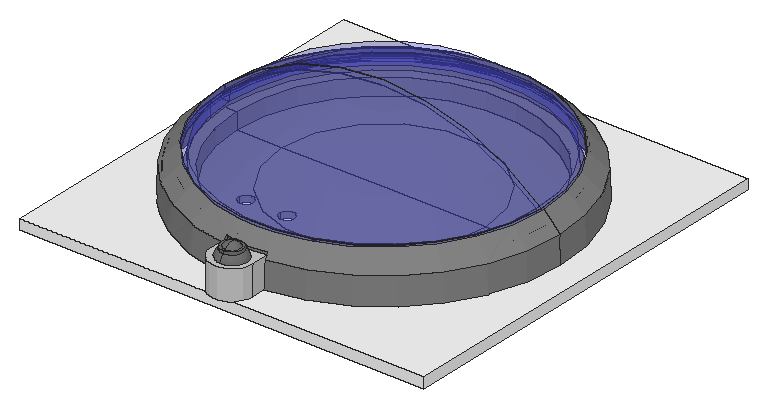
Revit family "BE_24166_de_DE", category Leuchten, Revit 2020
Family settings
  Basisbauteil = Fläche
  Bemaßung runder Anschluss = Durchmesser verwenden
  Teiletyp = Normal
  Beim Laden mit Abzugskörper schneiden = Ja
  Lichtquelle = Ja
  Gemeinsam genutzt = Nein
  Raumberechnungspunkt = Ja
Parameters (values of type "BEGA_24166_Grafit_K3")
  built-in parameter 1150104 = 15.45 (stored number, unit not read)
  Wattage = 23.9 W
  Default Elevation = 0 mm
  built-in parameter 1150113 = 1 (stored number, unit not read)
  built-in parameter 1114218 = 1 (stored number, unit not read)
  Umgebungstemperatur = "25 °C"
  URL = "https://www.bega.com/de/produkt/24166"
  Typenkommentare = "© 2022 BEGA. Wir behalten uns das Recht vor, technische Änderungen ohne vorherige Ankündigung vorzunehmen."  # constant formula
  Type Image = 24166.png
  built-in parameter 1150134 = (empty or 0)
  built-in parameter 1150109 = 1 (stored number, unit not read)
  Strom = ""
  built-in parameter 1150110 = 1 (stored number, unit not read)
  Spannung = 239.996 V
  Sonderanfertigung = no
  Seriennummer [instance] = "Hier können Sie die eindeutige Seriennummer für das Facility Management eintragen."
  Schutzklasse = "I"
  Schutzart = "IP 65"
  Scheinlast = 0 VA
  Produktdatenblatt = "https://cdn.bega.com/bega/products/24166AK3/current/documents/data-sheets/de"
  Oberflächentemperatur = ""
  Neigungswinkel = 0.00°
  Modell = "24166K3"
  Material_18 = BEGA_Gummi_schwarz
  Material_17 = BEGA_Reflektor
  Material_15 = BEGA_Leuchtmedium_matt
  Material_11 = BEGA_Glas_opal
  Material_09 = BEGA_Glas_klar
  Material_06 = BEGA_Oberfläche_Edelstahl_gebürstet
  Material_03 = BEGA_Oberfläche_Weiss_matt
  Material_02 = BEGA_Oberfläche_Silber_matt
  Material_01 [instance] = BEGA_Oberfläche_Grafit_matt
  M_W = no
  M_G = yes
  M_A = no
  Logo = 0
  built-in parameter 1114217 = 1 (stored number, unit not read)
  built-in parameter 1150139 = (empty or 0)
  built-in parameter 1150105 = 316.29 (stored number, unit not read)
  built-in parameter 1150114 = 1 (stored number, unit not read)
  Lumens = 3974.57 lm
  built-in parameter 1150115 = 1 (stored number, unit not read)
  Leuchtenlichtstrom = "2651 lm"
  Leuchtenanzahl = ""
  Lebensdauerkriterien = "L70B50 @ 25 °C = 150000 h"
  Lastklassifizierung = Beleuchtung
  built-in parameter 1150112 = 1 (stored number, unit not read)
  Lampenlichtstrom = "3975 lm"
  Lampe = "LED 23.9 W"
  LED_Modulbezeichnung = "LED-0993/830"
  built-in parameter 1150142 = (empty or 0)
  Hersteller = "BEGA"  # constant formula
  Halbstreuwinkel = ""
  Gewicht = "4.3 kg"
  Gebrauchslageneinschränkung [instance] = ""
  Frequenz = "0/50-60 Hz"
  Farbwiedergabeindex = "CRI > 80"
  Farbtemperaturverschiebung bei Dämpfen der Lampe = <Keine Auswahl>
  Farbtemperatur = "3000 K"
  Color Filter = 16777215
  built-in parameter 1150133 = 10 (stored number, unit not read)
  Energieeffizienzklasse = "LED A++ - A"
  built-in parameter 1150137 = (empty or 0)
  built-in parameter 1150132 = (empty or 0)
  ENEC = ""
  Dimmbar [instance] = "DALI"
  Datei für fotometrisches Netz = "BE_24166K3.IES"
  CE_Konformität = "ja"
  Bestellnummer = "24166K3"
  Beschreibung_Sonderanfertigung = "Hier können Sie Informationen zur Sonderanfertigung eintragen."
  Beschreibung = "Wandleuchte mit PIR-Bewegungs- und Lichtsensor"
  built-in parameter 1150106 = 3.1629 (stored number, unit not read)
  Befestigungsbohrung = "Ø 4,5 mm"
  Befestigungsabstand = "325 mm"
  Ballwurfsicher = ""
  BEGA_Intern_aus = yes
  BEGA_Intern_an = yes
  BEGA_Intern_Konstruktion = yes
  BEGA_Intern = yes
  BEGA_IES = yes
  BEGA_Dummy = no
  Anschlussleitung = ""
  Anschlussleistung [instance] = "27.2 W"
  built-in parameter 1150107 = 3000 (stored number, unit not read)
  built-in parameter 1150102 = (empty or 0)
  built-in parameter 1150138 = (empty or 0)
  Aktualisierung = "2022-05-18T04:00:07"
  Abstand_zur_angestrahlten_Fläche [instance] = ""
  AC/DC = "AC/DC"
Types (4, lengths in mm): name | built-in parameter 1150104 | built-in parameter 1150134 | Modell | M_G | M_A | built-in parameter 1150105 | Lumens | Leuchtenlichtstrom | Lampenlichtstrom | LED_Modulbezeichnung | Farbtemperatur | Datei für fotometrisches Netz | Bestellnummer | built-in parameter 1150106 | built-in parameter 1150107
  BEGA_24166_Grafit_K3 | 15.45 (stored number, unit not read) | (empty or 0) | "24166K3" | yes | no | 316.29 (stored number, unit not read) | 3974.57 lm | "2651 lm" | "3975 lm" | "LED-0993/830" | "3000 K" | "BE_24166K3.IES" | "24166K3" | 3.1629 (stored number, unit not read) | 3000 (stored number, unit not read)
  BEGA_24166_Silber_K4 | 16.249 (stored number, unit not read) | 12 | "24166AK4" | no | yes | 332.64 (stored number, unit not read) | 4180.11 lm | "2788 lm" | "4180 lm" | "LED-0993/840" | "4000 K" | "BE_24166K4.IES" | "24166AK4" | 3.3264 (stored number, unit not read) | 4000 (stored number, unit not read)
  BEGA_24166_Silber_K3 | 15.45 (stored number, unit not read) | (empty or 0) | "24166AK3" | no | yes | 316.29 (stored number, unit not read) | 3974.57 lm | "2651 lm" | "3975 lm" | "LED-0993/830" | "3000 K" | "BE_24166K3.IES" | "24166AK3" | 3.1629 (stored number, unit not read) | 3000 (stored number, unit not read)
  BEGA_24166_Grafit_K4 | 16.249 (stored number, unit not read) | 12 | "24166K4" | yes | no | 332.64 (stored number, unit not read) | 4180.11 lm | "2788 lm" | "4180 lm" | "LED-0993/840" | "4000 K" | "BE_24166K4.IES" | "24166K4" | 3.3264 (stored number, unit not read) | 4000 (stored number, unit not read)
Reference planes
  plane 1 "Mitte (Vorne/Hinten)": y = 0
  plane 2: z = 0
  plane 3 "Mitte (Links/Rechts)": x = 0
  plane 4 "Links": x = -175.4
  plane 5 "Rechts": x = 175.4
  plane 6 "Unten": y = -208.243
  plane 7 "Oben": y = 175
  plane 8 "Vorne": z = 104.988
  plane 9 "Hinten": z = 0
Forms (mm)
  Extrusion 1, solid, material "BEGA_Platte_Weiss"
    sketch origin (0, -1119.2, 0) x (1, 0, 0) y (0, 1, 0)
      loop
        line (-200, 1319.2) -> (-200, 919.2) -> (200, 919.2) -> (200, 1319.2) -> (-200, 1319.2)
    from 0 to -10
  Extrusion 2, solid, material "BEGA_Dummy_matt", visible <- "BEGA_Dummy"
    sketch origin (77.149, -76.023, 0) x (1, 0, 0) y (0, 1, 0)
      loop
        circle (-77.149, 76.023) r 208.243
    from 0 to 104.988
Dimensions and locks
  plane 1 "Mitte (Vorne/Hinten)" to Extrusion 1 = 200 mm
  aligned and locked: plane 2 to Extrusion 1
  aligned and locked: level to Extrusion 1
Nested families
  nested 1: "BE_24166" at (0, 0, 0), type "BE_24166"
Connectors
  electrical at (0, 0, 0), driven by "Lastklassifizierung", driven by "Spannung", driven by "Scheinlast"
    settings: index 1, voltage 239.996 V, apparent load 0 VA, apparent load phase1 0 VA, apparent load phase2 0 VA, apparent load phase3 0 VA, power factor 1, load classification "Beleuchtung", number of poles 1, system type 31, power factor state 1, is connector primary yes, connector utility no, sub classification motor no, connector description ""
Definition of nested family "BE_24166"
  Parameters (values of type "BE_24166")
    Default Elevation = 1 mm
    URL = "http://www.bega.de/de/produkt"
    Type Comments = "© 2015 BEGA. Wir behalten uns das Recht vor, technische Änderungen ohne vorherige Ankündigung vorzunehmen. "  # constant formula
    Type Image = (empty or 0)
    Neigungswinkel_um_Z2 = 0.00°
    Neigungswinkel_um_Z1 = 0.00°
    Neigungswinkel_um_Y2 = 0.00°
    Neigungswinkel_um_Y1 = 0.00°
    Neigungswinkel_um_X2 = 0.00°
    Neigungswinkel_um_X1 = 0.00°
    Material_18 = none
    Material_17 = none
    Material_15 = none
    Material_11 = none
    Material_09 = none
    Material_06 = none
    Material_02 = none
    Material_01 = none
    M_W = yes
    M_G = yes
    M_A = yes
    Länge_Platte = 200 mm  # constant formula
    Höhe_Platte = -10 mm  # constant formula
    Manufacturer = "BEGA"  # constant formula
    Drehwinkel_um_Z2 = 0.00°
    Drehwinkel_um_Z1 = 0.00°
    Breite_Platte = 200 mm  # constant formula
  Reference planes
    plane 1 "Mitte (Oben/Unten)": y = 0
    plane 2: z = 0
    plane 3 "Mitte (Links/Rechts)": x = 0
    plane 4 "Vorne": z = 104.988
    plane 5 "Oben": y = 175
    plane 6: x = -175.4
    plane 7: x = 175.4
    plane 8: y = -208.243
  Forms (mm)
    Extrusion 1, solid, detail levels medium
      sketch origin (0, 0, 0) x (1, 0, 0) y (0, 1, 0)
        loop
          line (-100, 100) -> (-100, -100) -> (100, -100) -> (100, 100) -> (-100, 100)
      from 0 to -10 <- "Höhe_Platte"
    Revolve 2, solid, material <- "Material_11"
      sketch origin (0, 0, 0) x (1, 0, 0) y (0, 0, 1)
        loop
          arc (0, 104.896) -> (-83.622, 89.809) -> (-156.701, 46.453) r 239.3
          line (-156.701, 46.453) -> (-157.017, 37.41) -> (-159.895, 37.41)
          arc (-159.895, 37.41) -> (-160.591, 37.128) -> (-160.895, 36.443) r 1
          line (-160.895, 36.443) -> (-160.999, 33.443)
          arc (-160.999, 33.443) -> (-160.719, 32.714) -> (-160, 32.41) r 1
          line (-160, 32.41) -> (-152.188, 32.41) -> (-151.781, 44.086)
          arc (-151.781, 44.086) -> (-80.858, 85.501) -> (0, 99.896) r 234.299
          line (0, 99.896) -> (0, 104.896)
        axis (0, 104.896) -> (0, 32.41)
      angle from 0 to 360
    Revolve 3, solid, material <- "Material_02", visible <- "M_A"
      sketch origin (0, 0, 0) x (1, 0, 0) y (0, 0, 1)
        loop
          arc (-157.799, 45.496) -> (-166.329, 37.64) -> (-174.468, 29.38) r 239.3
          line (-174.468, 29.38) -> (-175.4, 2.7) -> (-172.4, 2.7) -> (-171.512, 28.143)
          arc (-171.512, 28.143) -> (-164.86, 34.885) -> (-157.944, 41.356) r 236.3
          line (-157.944, 41.356) -> (-157.799, 45.496)
        axis (0, 2.7) -> (0, 45.496)
      angle from 0 to 360
    Revolve 4, solid, material <- "Material_01"
      sketch origin (0, 0, 0) x (1, 0, 0) y (0, 0, 1)
        loop
          line (-156.776, 3.965) -> (-156.915, 0) -> (-153, 0) -> (-152.389, 17.5) -> (-148.2, 17.5) -> (-147.746, 4.5) -> (0, 4.5) -> (0, 10.2) -> (-100.394, 10.2) -> (-144.941, 10.2) -> (-145.5, 26.2) -> (-156, 26.2) -> (-156.776, 3.965)
        axis (0, 0) -> (0, 26.2)
      angle from 0 to 360
    Extrusion 5, solid, material <- "Material_01"
      sketch origin (0, 0, 0) x (1, 0, 0) y (0, 1, 0)
        loop
          line (165.428, 29.283) -> (152.784, 31.512)
          arc (152.784, 31.512) -> (156, 0) -> (152.784, -31.512) r 156
          line (152.784, -31.512) -> (165.428, -29.283)
          arc (165.428, -29.283) -> (168, 0) -> (165.428, 29.283) r 168
        loop
          arc (163.804, -20.326) -> (165.061, 0) -> (163.804, 20.326) r 165.061
          arc (163.804, 20.326) -> (160.944, 22.541) -> (158.723, 19.685) r 2.561
          arc (158.723, 19.685) -> (159.939, 0) -> (158.723, -19.685) r 159.939
          arc (158.723, -19.685) -> (160.944, -22.541) -> (163.804, -20.326) r 2.561
        loop
          arc (-165.428, 29.283) -> (-168, 0) -> (-165.428, -29.283) r 168
          line (-165.428, -29.283) -> (-152.784, -31.512)
          arc (-152.784, -31.512) -> (-156, 0) -> (-152.784, 31.512) r 156
          line (-152.784, 31.512) -> (-165.428, 29.283)
        loop
          arc (-163.804, -20.326) -> (-160.944, -22.541) -> (-158.723, -19.685) r 2.561
          arc (-158.723, -19.685) -> (-159.939, 0) -> (-158.723, 19.685) r 159.939
          arc (-158.723, 19.685) -> (-160.944, 22.541) -> (-163.804, 20.326) r 2.561
          arc (-163.804, 20.326) -> (-165.061, 0) -> (-163.804, -20.326) r 165.061
      from 0 to 3.18
    Revolve 6, solid, material <- "Material_01", visible <- "M_G"
      sketch origin (0, 0, 0) x (1, 0, 0) y (0, 0, 1)
        loop
          arc (-157.799, 45.496) -> (-166.329, 37.64) -> (-174.468, 29.38) r 239.3
          line (-174.468, 29.38) -> (-175.4, 2.7) -> (-172.4, 2.7) -> (-171.512, 28.143)
          arc (-171.512, 28.143) -> (-164.86, 34.885) -> (-157.944, 41.356) r 236.3
          line (-157.944, 41.356) -> (-157.799, 45.496)
        axis (0, 2.7) -> (0, 45.496)
      angle from 0 to 360
    Extrusion 7, void
      sketch origin (0, 0, 0) x (1, 0, 0) y (0, 1, 0)
        loop
          circle (-70.232, -82.463) r 7.373
        loop
          circle (-29.768, -82.463) r 7.373
      from 0 to 46.453
    Extrusion 8, void
      sketch origin (0, 0, 0) x (1, 0, 0) y (0, 1, 0)
        loop
          arc (-20.5, -187.743) -> (0, -208.243) -> (20.5, -187.743) r 20.5
          line (20.5, -187.743) -> (20.5, -168.445)
          arc (20.5, -168.445) -> (0, -170.784) -> (-20.5, -168.445) r 91.041
          line (-20.5, -168.445) -> (-20.5, -187.743)
      from 0 to 250
    Extrusion 9, solid, material <- "Material_01", visible <- "M_G"
      sketch origin (0, 0, 0) x (1, 0, 0) y (0, 1, 0)
        loop
          arc (-20.5, -187.743) -> (0, -208.243) -> (20.5, -187.743) r 20.5
          line (20.5, -187.743) -> (20.5, -168.445)
          arc (20.5, -168.445) -> (0, -170.784) -> (-20.5, -168.445) r 91.041
          line (-20.5, -168.445) -> (-20.5, -187.743)
      from 2.7 to 31.6
    Revolve 10, solid, material <- "Material_18"
      sketch origin (0, 0, 0) x (0, 1, 0) y (0, 0, 1)
        loop
          line (-187.743, 44.83) -> (-187.743, 27.852) -> (-172.743, 27.852)
          arc (-172.743, 27.852) -> (-173.907, 33.594) -> (-177.183, 38.453) r 15
          line (-177.183, 38.453) -> (-177.341, 40.771) -> (-180.19, 40.771)
          arc (-180.19, 40.771) -> (-183.456, 43.751) -> (-187.743, 44.83) r 9.057
        axis (-187.743, 27.852) -> (-187.743, 44.83)
      angle from 0 to 360
    Extrusion 11, solid, material <- "Material_02", visible <- "M_A"
      sketch origin (0, 0, 0) x (1, 0, 0) y (0, 1, 0)
        loop
          arc (-20.5, -187.743) -> (0, -208.243) -> (20.5, -187.743) r 20.5
          line (20.5, -187.743) -> (20.5, -168.445)
          arc (20.5, -168.445) -> (0, -170.784) -> (-20.5, -168.445) r 91.041
          line (-20.5, -168.445) -> (-20.5, -187.743)
      from 2.7 to 31.6
  Cuts and joins
    Extrusion 7 cuts Revolve 4
    Extrusion 7 cuts Extrusion 5
    joined: Revolve 4, Extrusion 5
    Extrusion 7 cuts Revolve 2
    Extrusion 8 cuts Revolve 3
    Extrusion 8 cuts Revolve 6
  Dimensions and locks
    equal spacing: Extrusion 1 sketch curve, plane 3 "Mitte (Links/Rechts)", Extrusion 1 sketch curve
    equal spacing: Extrusion 1 sketch curve, plane 1 "Mitte (Oben/Unten)", Extrusion 1 sketch curve
    "Länge_Platte": Extrusion 1 sketch curve to Extrusion 1 sketch curve
    "Breite_Platte": Extrusion 1 sketch curve to Extrusion 1 sketch curve
    aligned and locked: plane 2 to Extrusion 1
    aligned and locked: level to Extrusion 1
  Automatic sketch dimensions
    Revolve 2 sketch curve to Revolve 2 sketch curve = 0.105 mm
    Revolve 2 sketch curve to Revolve 2 sketch curve = 0.999 mm  (x2)
    Revolve 2 sketch curve to Revolve 2 sketch curve = 2.878 mm
    Revolve 2 sketch curve to Revolve 2 sketch curve = 0.316 mm
    Revolve 2 sketch curve to Revolve 2 sketch curve = 4.828 mm
    Revolve 2 sketch curve to Revolve 2 sketch curve = 4.92 mm
    plane 3 "Mitte (Links/Rechts)" to Revolve 2 sketch curve = 0 mm  (x3)
    Revolve 2 sketch curve to Revolve 2 sketch curve = 0.001 mm
    level to Revolve 2 sketch curve = 32.41 mm
    Revolve 2 sketch curve to Revolve 2 sketch curve = 1 mm
    Revolve 2 sketch curve to Revolve 2 sketch curve = 3 mm
    Revolve 2 sketch curve to Revolve 2 sketch curve = 0.033 mm
    Revolve 2 sketch curve to Revolve 2 sketch curve = 6.677 mm
    Revolve 2 sketch curve to Revolve 2 sketch curve = 2.366 mm
    Revolve 2 sketch curve to Revolve 2 sketch curve = 0 mm  (x2)
    Revolve 2 sketch curve to Revolve 2 sketch curve = 17.365 mm
    Revolve 3 sketch curve to Revolve 3 sketch curve = 0 mm  (x3)
    Revolve 3 sketch curve to plane 3 "Mitte (Links/Rechts)" = 0 mm  (x2)
    Revolve 3 sketch curve to Revolve 3 sketch curve = 0.145 mm
    Revolve 3 sketch curve to Revolve 3 sketch curve = 13.568 mm
    level to Revolve 3 sketch curve = 2.7 mm
    Revolve 3 sketch curve to Revolve 3 sketch curve = 0.888 mm
    Revolve 3 sketch curve to Revolve 3 sketch curve = 2.957 mm
    Revolve 3 sketch curve to Revolve 3 sketch curve = 3 mm
    Revolve 3 sketch curve to Revolve 3 sketch curve = 25.443 mm
    Revolve 3 sketch curve to Revolve 3 sketch curve = 1.237 mm
    level to Revolve 3 sketch curve = 7.2 mm
    Revolve 3 sketch curve to Revolve 3 sketch curve = 29.243 mm
    Revolve 4 sketch curve to level = 0 mm
    Revolve 4 sketch curve to plane 3 "Mitte (Links/Rechts)" = 0 mm  (x2)
    level to Revolve 4 sketch curve = 10.2 mm
    Revolve 4 sketch curve to Revolve 4 sketch curve = 44.547 mm
    Revolve 4 sketch curve to Revolve 4 sketch curve = 0.559 mm
    Revolve 4 sketch curve to Revolve 4 sketch curve = 2.805 mm
    Revolve 4 sketch curve to Revolve 4 sketch curve = 3.259 mm
    level to Revolve 4 sketch curve = 17.5 mm
    Revolve 4 sketch curve to Revolve 4 sketch curve = 4.189 mm
    Revolve 4 sketch curve to Revolve 4 sketch curve = 5.254 mm
    Revolve 4 sketch curve to Revolve 4 sketch curve = 3.611 mm
    level to Revolve 4 sketch curve = 3.965 mm
    Revolve 4 sketch curve to Revolve 4 sketch curve = 3.776 mm
    Revolve 4 sketch curve to Revolve 4 sketch curve = 3.915 mm
    level to Revolve 4 sketch curve = 4.5 mm
    Revolve 4 sketch curve to Revolve 4 sketch curve = 8.7 mm
    Revolve 4 sketch curve to Revolve 4 sketch curve = 0 mm
    Revolve 4 sketch curve to Revolve 4 sketch curve = 26.243 mm
    Extrusion 5 sketch curve to Extrusion 5 sketch curve = 0 mm  (x22)
    plane 1 "Mitte (Oben/Unten)" to Extrusion 5 sketch curve = 0 mm
    Extrusion 5 sketch curve to plane 3 "Mitte (Links/Rechts)" = 0 mm
    Extrusion 5 sketch curve to plane 1 "Mitte (Oben/Unten)" = 31.512 mm
    Extrusion 5 sketch curve to Extrusion 5 sketch curve = 8.48 mm  (x4)
    Extrusion 5 sketch curve to Extrusion 5 sketch curve = 4.164 mm  (x4)
    Extrusion 5 sketch curve to plane 1 "Mitte (Oben/Unten)" = 29.283 mm  (x2)
    plane 1 "Mitte (Oben/Unten)" to Extrusion 5 sketch curve = 31.512 mm
    Extrusion 5 sketch curve to Extrusion 5 sketch curve = 9.283 mm  (x4)
    Extrusion 5 sketch curve to Extrusion 5 sketch curve = 2.541 mm  (x4)
    Extrusion 5 sketch curve to Extrusion 5 sketch curve = 2.54 mm  (x4)
    Extrusion 5 sketch curve to Extrusion 5 sketch curve = 0.326 mm  (x2)
    Revolve 6 sketch curve to Revolve 6 sketch curve = 0 mm  (x3)
    Revolve 6 sketch curve to plane 3 "Mitte (Links/Rechts)" = 0 mm  (x2)
    Revolve 6 sketch curve to Revolve 6 sketch curve = 0.145 mm
    Revolve 6 sketch curve to Revolve 6 sketch curve = 13.568 mm
    level to Revolve 6 sketch curve = 2.7 mm
    Revolve 6 sketch curve to Revolve 6 sketch curve = 0.888 mm
    Revolve 6 sketch curve to Revolve 6 sketch curve = 2.957 mm
    Revolve 6 sketch curve to Revolve 6 sketch curve = 3 mm
    Revolve 6 sketch curve to Revolve 6 sketch curve = 25.443 mm
    Revolve 6 sketch curve to Revolve 6 sketch curve = 1.237 mm
    level to Revolve 6 sketch curve = 7.2 mm
    Revolve 6 sketch curve to Revolve 6 sketch curve = 29.243 mm
    Extrusion 7 sketch curve to plane 3 "Mitte (Links/Rechts)" = 70.232 mm
    Extrusion 7 sketch curve to plane 3 "Mitte (Links/Rechts)" = 29.768 mm
    plane 1 "Mitte (Oben/Unten)" to Extrusion 7 sketch curve = 82.463 mm
    Extrusion 7 sketch curve to Extrusion 7 sketch curve = 0 mm
    Extrusion 5 sketch curve to plane 7 = 22.616 mm
    plane 6 to Revolve 2 sketch curve = 23.619 mm
    Revolve 3 sketch curve to plane 6 = 0 mm
    plane 6 to Revolve 4 sketch curve = 75.006 mm
    plane 6 to Extrusion 5 sketch curve = 22.616 mm
    Revolve 6 sketch curve to plane 6 = 0 mm
    Revolve 2 sketch curve to level = 134.404 mm
    Revolve 3 sketch curve to level = 134.404 mm
    Revolve 6 sketch curve to level = 134.404 mm
    Extrusion 8 sketch curve to plane 3 "Mitte (Links/Rechts)" = 0 mm  (x2)
    Extrusion 8 sketch curve to Extrusion 8 sketch curve = 20.5 mm
    plane 1 "Mitte (Oben/Unten)" to Extrusion 8 sketch curve = 79.743 mm
    Extrusion 9 sketch curve to plane 3 "Mitte (Links/Rechts)" = 0 mm  (x2)
    Extrusion 9 sketch curve to Extrusion 9 sketch curve = 20.5 mm
    plane 1 "Mitte (Oben/Unten)" to Extrusion 9 sketch curve = 79.743 mm
    Revolve 10 sketch curve to Revolve 10 sketch curve = 0 mm  (x3)
    level to Revolve 10 sketch curve = 27.8 mm
    Revolve 10 sketch curve to Revolve 10 sketch curve = 0.052 mm
    Revolve 10 sketch curve to Revolve 10 sketch curve = 7.921 mm
    Revolve 10 sketch curve to Revolve 10 sketch curve = 2.318 mm
    Revolve 10 sketch curve to Revolve 10 sketch curve = 0.94 mm
    Revolve 10 sketch curve to Revolve 10 sketch curve = 2.724 mm
    Extrusion 11 sketch curve to plane 3 "Mitte (Links/Rechts)" = 0 mm  (x2)
    Extrusion 11 sketch curve to plane 3 "Mitte (Links/Rechts)" = 20.5 mm
    plane 1 "Mitte (Oben/Unten)" to Extrusion 11 sketch curve = 79.743 mm
    Extrusion 8 sketch curve to Extrusion 8 sketch curve = 88.702 mm
    Extrusion 8 sketch curve to Extrusion 8 sketch curve = 19.298 mm
    Extrusion 9 sketch curve to Extrusion 9 sketch curve = 88.702 mm
    Extrusion 9 sketch curve to Extrusion 9 sketch curve = 19.298 mm
    plane 1 "Mitte (Oben/Unten)" to Revolve 10 sketch curve = 187.743 mm
    Revolve 10 sketch curve to Revolve 10 sketch curve = 7.553 mm
    level to Revolve 10 sketch curve = 40.771 mm
    Revolve 10 sketch curve to Revolve 10 sketch curve = 2.849 mm
    Revolve 10 sketch curve to Revolve 10 sketch curve = 0.158 mm
    Extrusion 11 sketch curve to Extrusion 11 sketch curve = 88.702 mm
    Extrusion 11 sketch curve to Extrusion 11 sketch curve = 19.298 mm
    radius of Extrusion 7 sketch curve = 7.373 mm  (x2)
